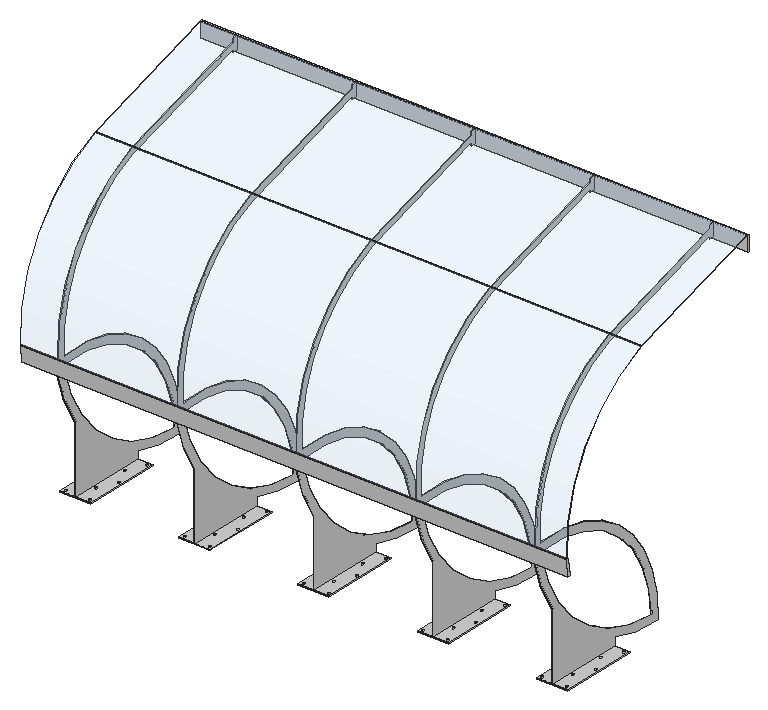
Revit family "FS_Велопарковка с навесом_01_R16", category Антураж, Revit 2016
Family settings
  На основе рабочей плоскости = Нет
  Всегда вертикально = Да
  При загрузке вырезать с полостями = Нет
  Источник визуального образа = Геометрия семейства
  Общий = Нет
  Точка расчета площади = Нет
Parameters (values of type "Парковка для колясок и велосипедов с навесом 01")
  Стоимость = 51840
  Комментарии к типоразмеру = "Материалы: сталь, поликарбонат"  # constant formula
  Изготовитель = "ООО 'Хоббика'"  # constant formula
  Высота = 0 mm
  URL = "https://hobbyka.ru/product/parkovka_dlya_kolyasok_i_velosipedov_s_navesom_01/"
  ADSK_Размер_Ширина = 1471 mm  # constant formula
  ADSK_Размер_Длина = 3530 mm  # constant formula
  ADSK_Размер_Высота = 2010 mm  # constant formula
  ADSK_Наименование = "Парковка для колясок и велосипедов с навесом 01"
  ADSK_Материал опоры = FS_Сталь
  ADSK_Материал крыши = FS_Поликарбонат, прозрачный
  ADSK_Материал крепления = FS_Цинк
  ADSK_Код изделия = "9884"  # constant formula
Reference planes
  plane 1 "По центру (Вперед/Назад)": y = 0
  plane 2: z = 0
  plane 3 "По центру (Влево/Вправо)": x = 0
  plane 4: x = -770
  plane 5: x = -1540
  plane 6: x = 770
  plane 7: x = 1540
  plane 8: x = -1765
  plane 9: x = 1765
Forms (mm)
  Extrusion 1, solid, material "FS_Сталь" <- "ADSK_Материал опоры"
    sketch origin (0, 0, 0) x (0, 1, 0) y (0, 0, 1)
      loop
        line (-663.04, 870.434) -> (-651.452, 770.101) -> (-641.518, 771.248) -> (-653.106, 871.581) -> (-663.04, 870.434)
      loop
        line (803.322, 2010) -> (803.322, 2111.198) -> (798.322, 2111.198) -> (798.322, 2010) -> (803.322, 2010)
    from -1765 to 1765
  Extrusion 2, solid, material "FS_Поликарбонат, прозрачный" <- "ADSK_Материал крыши"
    sketch origin (0, 0, 0) x (0, 1, 0) y (0, 0, 1)
      loop
        line (-660.692, 870.705) -> (-655.72, 871.279)
        arc (-655.72, 871.279) -> (-510.74, 1450.98) -> (-54.799, 1837.231) r 975.012
        line (-54.799, 1837.231) -> (798.322, 2104.393) -> (798.322, 2109.632) -> (-56.503, 1841.937)
        arc (-56.503, 1841.937) -> (-514.992, 1453.611) -> (-660.692, 870.705) r 980.012
    from -1765 to 1765
Dimensions and locks
  equal spacing: plane 8, plane 3 "По центру (Влево/Вправо)", plane 9
  "ADSK_Размер_Длина": plane 8 to plane 9
  equal spacing: plane 5, plane 4, plane 3 "По центру (Влево/Вправо)", plane 6, plane 7, locked at 770 each
  aligned and locked: level to plane 2
  aligned and locked: plane 7 to nested 1
  aligned and locked: plane 5 to nested 5
  aligned and locked: plane 4 to nested 4
  aligned and locked: plane 3 "По центру (Влево/Вправо)" to nested 3
  aligned and locked: plane 6 to nested 2
  aligned and locked: plane 1 "По центру (Вперед/Назад)" to nested 1
  aligned and locked: plane 1 "По центру (Вперед/Назад)" to nested 2
  aligned and locked: plane 1 "По центру (Вперед/Назад)" to nested 3
  aligned and locked: plane 1 "По центру (Вперед/Назад)" to nested 4
  aligned and locked: plane 1 "По центру (Вперед/Назад)" to nested 5
  aligned and locked: Extrusion 1 to plane 9
  aligned and locked: Extrusion 1 to plane 8
  aligned and locked: Extrusion 2 to plane 9
  aligned and locked: Extrusion 2 to plane 8
Automatic sketch dimensions
  plane 1 "По центру (Вперед/Назад)" to Extrusion 1 sketch curve = 663.04 mm
  level to Extrusion 1 sketch curve = 870.434 mm
  Extrusion 1 sketch curve to Extrusion 1 sketch curve = 9.934 mm  (x2)
  Extrusion 1 sketch curve to Extrusion 1 sketch curve = 11.589 mm
  Extrusion 1 sketch curve to Extrusion 1 sketch curve = 100.333 mm
  Extrusion 1 sketch curve to Extrusion 1 sketch curve = 1.147 mm  (x2)
  Extrusion 1 sketch curve to plane 1 "По центру (Вперед/Назад)" = 803.322 mm
  Extrusion 1 sketch curve to Extrusion 1 sketch curve = 1239.617 mm
  Extrusion 1 sketch curve to Extrusion 1 sketch curve = 5 mm
  Extrusion 1 sketch curve to Extrusion 1 sketch curve = 101.198 mm
  Extrusion 2 sketch curve to Extrusion 2 sketch curve = 0 mm  (x2)
  Extrusion 2 sketch curve to plane 1 "По центру (Вперед/Назад)" = 317.145 mm
  plane 1 "По центру (Вперед/Назад)" to Extrusion 2 sketch curve = 54.799 mm
  Extrusion 2 sketch curve to Extrusion 2 sketch curve = 1.704 mm
  plane 1 "По центру (Вперед/Назад)" to Extrusion 2 sketch curve = 655.72 mm
  Extrusion 2 sketch curve to Extrusion 2 sketch curve = 4.973 mm
  level to Extrusion 2 sketch curve = 871.279 mm
  Extrusion 2 sketch curve to plane 1 "По центру (Вперед/Назад)" = 798.322 mm
  Extrusion 2 sketch curve to Extrusion 2 sketch curve = 267.162 mm
  Extrusion 2 sketch curve to Extrusion 2 sketch curve = 5.239 mm
  Extrusion 2 sketch curve to Extrusion 2 sketch curve = 4.706 mm
  Extrusion 2 sketch curve to Extrusion 2 sketch curve = 0.574 mm
Nested families
  nested 1: "FS_Велопарковка с навесом_Опора" at (1540, 0, 0), type "FS_Велопарковка с навесом_Опора"
  nested 2: "FS_Велопарковка с навесом_Опора" at (770, 0, 0), type "FS_Велопарковка с навесом_Опора"
  nested 3: "FS_Велопарковка с навесом_Опора" at (0, 0, 0), type "FS_Велопарковка с навесом_Опора"
  nested 4: "FS_Велопарковка с навесом_Опора" at (-770, 0, 0), type "FS_Велопарковка с навесом_Опора"
  nested 5: "FS_Велопарковка с навесом_Опора" at (-1540, 0, 0), type "FS_Велопарковка с навесом_Опора"
Definition of nested family "FS_Велопарковка с навесом_Опора"
  Parameters (values of type "FS_Велопарковка с навесом_Опора")
    ADSK_Материал опоры = none
    ADSK_Материал крепления = none
  Reference planes
    plane 1 "По центру (Вперед/Назад)": y = 0
    plane 2: z = 0
    plane 3 "По центру (Влево/Вправо)": x = 0
  Forms (mm)
    Extrusion 1, solid, material <- "ADSK_Материал опоры"
      sketch origin (0, 0, 0) x (0, 1, 0) y (0, 0, 1)
        loop
          arc (348.227, 2.015) -> (147.862, 580.99) -> (-397.584, 860) r 820.938
          line (-397.584, 860) -> (-600.151, 860)
          arc (-600.151, 860) -> (-468.423, 1414.746) -> (-35.4, 1785.673) r 921.102
          line (-35.4, 1785.673) -> (773.322, 2038.93) -> (773.322, 2020) -> (798.322, 2020) -> (798.322, 2101.803) -> (790.053, 2101.803) -> (773.322, 2096.564) -> (773.322, 2075.606) -> (-47.352, 1818.606)
          arc (-47.352, 1818.606) -> (-495.654, 1437.288) -> (-635.692, 865.651) r 956.102
          line (-635.692, 865.651) -> (-652.201, 863.744) -> (-641.518, 771.248) -> (-643.212, 771.053)
          arc (-643.212, 771.053) -> (-587.17, 597.374) -> (-500, 437.042) r 983.392
          line (-500, 437.042) -> (-500, 5) -> (0, 5) -> (0, 53.882)
          arc (0, 53.882) -> (171.773, 12.238) -> (348.227, 2.015) r 983.392
        loop
          arc (299.166, 51.672) -> (95.124, 564.945) -> (-399.882, 810) r 770.938
          line (-399.882, 810) -> (-595, 810) -> (-595, 784.598)
          arc (-595, 784.598) -> (-275.058, 263.023) -> (299.166, 51.672) r 933.392
      from -2.5 to 2.5
    Extrusion 2, solid, material <- "ADSK_Материал опоры"
      sketch origin (0, 0, 0) x (1, 0, 0) y (0, 1, 0)
        loop
          line (-100, 0) -> (-100, -500) -> (100, -500) -> (100, 0) -> (-100, 0)
      from 0 to 5
    Extrusion 3, solid, material <- "ADSK_Материал крепления"
      sketch origin (0, 0, 5) x (1, 0, 0) y (0, 1, 0)
        loop
          circle (-80, -20) r 5
        loop
          circle (-25, -135) r 5
        loop
          circle (-80, -250) r 5
        loop
          circle (-80, -480) r 5
        loop
          circle (-25, -365) r 5
        loop
          circle (80, -20) r 5
        loop
          circle (25, -135) r 5
        loop
          circle (80, -250) r 5
        loop
          circle (80, -480) r 5
        loop
          circle (25, -365) r 5
      from 0 to 2.5
  Dimensions and locks
    aligned and locked: level to plane 2
